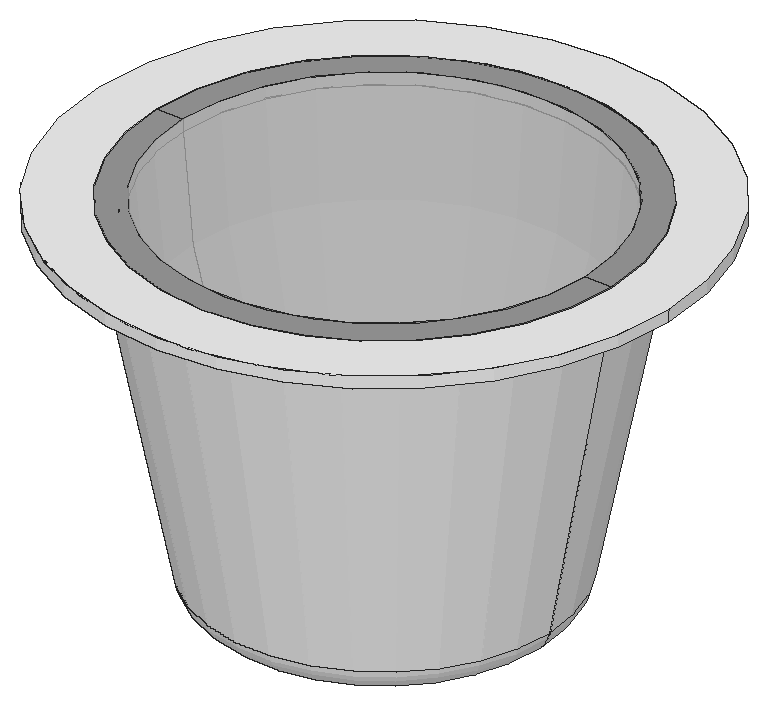
Revit family "2060536 Sylvania Lighting Fixture ASCENT100 II ARCH 2000 4K STD EMG 120", category Lighting Fixtures, host Face, Revit 2016
Family settings
  Host = Face
  Part Type = Normal
  Round Connector Dimension = Use Diameter
  OmniClass Number = 23.80.70.11.17
  OmniClass Title = Specialized Lighting by Location or Use
  Cut with Voids When Loaded = No
  Light Source = Yes
  Shared = No
  Room Calculation Point = No
Parameters (values of type "2060536 ASCT100 II ARCH 2000 4K STD EMG 120 Emergency mode")
  Weight = "1.43 kg"
  WarrantyStartDate [instance] = "n/a"
  WarrantyGuarantorParts = "n/a"
  WarrantyDurationUnit = "n/a"
  WarrantyDurationParts = "n/a"
  WarrantyDescription = "n/a"
  Voltage = 0 V
  TypeName = "ASCT100 II ARCH 2000 4K STD EMG 120 Emergency mode"
  SerialNumber [instance] = "n/a"
  ReflectorRadius_SYL = Radius_SYL - 15.0 mm  # 60.0 mm
  PowerFactor = 0
  PowerConsumption = "20 W"
  NominalWidth = 0.0 mm
  NominalLength = 0.0 mm
  NominalHeight = 94.0 mm
  Name = "ASCT100 II ARCH 2000 4K STD EMG 120 Emergency mode"
  ModelReference = "ASCT100 II ARCH 2000 4K STD EMG 120 Emergency mode"
  ModelNumber = "2060536"
  Material_4_SYL = Aluminium_Sylvania_Ascent_Silver
  Radius_SYL = 75.0 mm
  Wattage = 1.69307 W
  built-in parameter 1150110 = 1 (stored number, unit not read)
  URL = "http://www.sylvania-lighting.com"
  built-in parameter 1114217 = 1 (stored number, unit not read)
  Tilt Angle = -90°
  built-in parameter 1150109 = 1 (stored number, unit not read)
  built-in parameter 1150134 = 12
  built-in parameter 1150113 = 1 (stored number, unit not read)
  Photometric Web File = "2060536EM.ies"
  Material = "aluminium housing, acrylic diffuser"
  ManufacturerName = "Feilo Sylvania"
  LuminousEfficacy = "101 lm/W"
  LuminaireType = ""
  LightOutputRatio = "100"
  LampsType = Lamp  # "LED"
  LampNominalLuminous = "2029 lm"
  LampMacAdamStep = "n/a"
  LampColourTemperature = "4000 K"
  LampColourRenderingIndex = "80"
  Keynote = "16500"
  InstallationDate [instance] = "n/a"
  InputVoltage = "n/a"
  InputNominalFrequency = "n/a"
  IngressProtection = "IP40"
  ImpactProtectionIndex = "IK02"
  IfcExportType = "IfcLightFixtureType"
  IfcExportAs = "IfcLightFixtureType"
  Height_SYL = 94.0 mm
  ExpectedLife = 50000
  Emit from Circle Diameter = 2 * DiffuserRadius_SYL  # 106.0 mm
  Emit Shape Visible in Rendering = no
  ElectricShockClassification = "Class II"
  DurationUnit = "hours"
  DocumentationLiterature = "http://www.sylvania-lighting.com/product/en-int/products/2060536"
  DimmingControlOptions = "n/a"
  DiffuserRadius_SYL = ReflectorRadius_SYL - 7.0 mm  # 53.0 mm
  Material_3_SYL = Polycarbonate_Sylvania_Ascent_Clear
  Diameter_SYL = 2 * Radius_SYL  # 150.0 mm
  CutoutDiameter_SYL = Diameter_SYL - 13.0 mm  # 137.0 mm
  CreatedOn = "9/17/2018"
  CreatedBy = "@sylvania-lighting.com"
  built-in parameter 1114216 [instance] = 1 (stored number, unit not read)
  Model = "ASCT100 II ARCH 2000 4K STD EMG 120 Emergency mode"
  Manufacturer = "Feilo Sylvania"
  built-in parameter 1150105 = 13.608 (stored number, unit not read)
  Lumens = 171 lm
  built-in parameter 1150115 = 1 (stored number, unit not read)
  built-in parameter 1150137 = (empty or 0)
  built-in parameter 1150139 = (empty or 0)
  built-in parameter 1150112 = 1 (stored number, unit not read)
  built-in parameter 1150114 = 1 (stored number, unit not read)
  Lamp = "LED"
  built-in parameter 1150132 = 2
  built-in parameter 1150102 = (empty or 0)
  built-in parameter 1150107 = 4000 (stored number, unit not read)
  built-in parameter 1150138 = (empty or 0)
  built-in parameter 1150106 = 0.13608 (stored number, unit not read)
  Material_1_SYL = Aluminum_Sylvania_Ascent_White
  built-in parameter 1150104 = 9.3832 (stored number, unit not read)
  Dimming Lamp Color Temperature Shift = <None>
  Description = "Direct LED retro fit for original LED 100 Arch (120) single CFL lamp offering Matching lumen levels and improved light distribution of original LED 100 CFL lamp equivalents Typically half the power consumption compared to CFL Up to 104lm/W 120mm aperture Architectural reflector accepts range of glass accessories from existing LED 100 Arch 120 offering HE, HO and VHO versions equivalent of single 1 x 13W, 1 x 18W, 1 x 26W Additional VVHO versions which offer the performance circa 2 x 26W equivalent"  # constant formula
  Default Elevation = 0.0 mm
  Color Filter = 16777215
  built-in parameter 1140040 [instance] = 1
  BarCode [instance] = "n/a"
  built-in parameter 1114218 = 1 (stored number, unit not read)
  built-in parameter 1150133 = 10 (stored number, unit not read)
  AssetType = "Fixed"
  AssetIdentifier [instance] = "n/a"
  Assembly Code = "D5020200"
  Apparent Load = 1.69307 VA
  Aperture_SYL = 2 * ReflectorRadius_SYL  # 120.0 mm
  Material_2_SYL = Aluminum_Sylvania_Ascent_White
Types (2, lengths in mm): name | TypeName | Name | ModelReference | Wattage | Photometric Web File | Model | built-in parameter 1150105 | Lumens | built-in parameter 1150106 | Apparent Load
  2060536 ASCT100 II ARCH 2000 4K STD EMG 120 Emergency mode | "ASCT100 II ARCH 2000 4K STD EMG 120 Emergency mode" | "ASCT100 II ARCH 2000 4K STD EMG 120 Emergency mode" | "ASCT100 II ARCH 2000 4K STD EMG 120 Emergency mode" | 1.69307 W | "2060536EM.ies" | "ASCT100 II ARCH 2000 4K STD EMG 120 Emergency mode" | 13.608 (stored number, unit not read) | 171 lm | 0.13608 (stored number, unit not read) | 1.69307 VA
  2060536 ASCT100 II ARCH 2000 4K STD EMG 120 | "ASCENT100 II ARCH 2000 4K STD EMG 120" | "ASCENT100 II ARCH 2000 4K STD EMG 120" | "ASCENT100 II ARCH 2000 4K STD EMG 120" | 20 W | "2060536.ies" | "ASCENT100 II ARCH 2000 4K STD EMG 120" | 160.75 (stored number, unit not read) | 2020 lm | 1.6075 (stored number, unit not read) | 20 VA
Reference planes
  plane 1 "Center (Front/Back)": y = 0
  plane 2: z = 0
  plane 3 "Center (Left/Right)": x = 0
  plane 4 "Fixture Bottom": z = 3
  plane 5: z = -52.5
  plane 6 "Fixture Top": z = -91
Forms (mm)
  Extrusion 1, solid, material "Aluminum_Sylvania_Ascent_White" <- "Material_2_SYL", detail levels fine
    sketch origin (0, 0, 0) x (1, 0, 0) y (0, 1, 0)
      loop
        circle (0, 0) r 75
      loop
        circle (0, 0) r 60
    from 0 to 3
  Extrusion 2, void
    sketch origin (0, 0, 0) x (1, 0, 0) y (0, 1, 0)
      loop
        circle (0, 0) r 68.5
    from -91 to 3
  Revolve 3, solid, material "Aluminum_Sylvania_Ascent_White" <- "Material_1_SYL", detail levels fine
    sketch origin (0, 0, 0) x (1, 0, 0) y (0, 0, 1)
      loop
        line (0, -91.073) -> (0, -89.023) -> (-35.468, -89.014)
        arc (-35.468, -89.014) -> (-39.352, -87.613) -> (-41.54, -84.139) r 6.307
        line (-41.54, -84.139) -> (-57.991, -2.844) -> (-57.991, 0) -> (-60, 0) -> (-60, -3) -> (-43.5, -84.536)
        arc (-43.5, -84.536) -> (-40.643, -89.203) -> (-35.5, -91.073) r 8.291
        line (-35.5, -91.073) -> (0, -91.073)
      axis (0, 0) -> (0, -91.073)
    angle from 0 to 360
  Revolve 4, solid, material "Aluminium_Sylvania_Ascent_Silver" <- "Material_4_SYL", detail levels fine
    sketch origin (0, 0, 0) x (1, 0, 0) y (0, 0, 1)
      loop
        line (-60, 3) -> (-60, 0) -> (-55, 0)
        arc (-55, 0) -> (-52.349, -26.77) -> (-44.5, -52.5) r 136.5
        line (-44.5, -52.5) -> (-38, -52.5)
        arc (-38, -52.5) -> (-36.857, -61.521) -> (-33.5, -69.971) r 36.166
        line (-33.5, -69.971) -> (0, -69.971) -> (0, -50.5) -> (-43.16, -50.5)
        arc (-43.16, -50.5) -> (-50.517, -25.725) -> (-53, 0) r 134.5
        line (-53, 0) -> (-53, 3) -> (-60, 3)
      axis (0, 3) -> (0, -69.971)
    angle from 0 to 360
  Extrusion 5, solid, material "Polycarbonate_Sylvania_Ascent_Clear" <- "Material_3_SYL", detail levels fine
    sketch origin (0, 0, 0) x (1, 0, 0) y (0, 1, 0)
      loop
        circle (0, 0) r 53
    from 0 to 3
  Revolve 6, solid, material "Aluminum_Sylvania_Ascent_White" <- "Material_2_SYL", detail levels coarse+medium
    sketch origin (0, 0, 0) x (1, 0, 0) y (0, 0, 1)
      loop
        line (0, -91.073) -> (0, 3) -> (-75, 3) -> (-75, 0) -> (-60, 0) -> (-60, -3) -> (-43.5, -84.536)
        arc (-43.5, -84.536) -> (-40.643, -89.203) -> (-35.5, -91.073) r 8.291
        line (-35.5, -91.073) -> (0, -91.073)
      axis (0, 3) -> (0, -91.073)
    angle from 0 to 360
Dimensions and locks
  locked: plane 4 "Fixture Bottom" to plane 2 at 3
  "Height_SYL": plane 4 "Fixture Bottom" to plane 6 "Fixture Top"
  "ReflectorRadius_SYL": plane 3 "Center (Left/Right)" to Revolve 4 sketch curve
  locked: Revolve 4 sketch curve to Revolve 4 sketch curve at 15.5
  locked: Revolve 4 sketch curve to Revolve 4 sketch curve at 5
  locked: Revolve 4 sketch curve to Revolve 4 sketch curve at 7
  locked: Revolve 4 sketch curve to Revolve 4 sketch curve at 22
  locked: Revolve 4 sketch curve to Revolve 4 sketch curve at 26.5
  locked: Revolve 3 sketch curve to Revolve 3 sketch curve at 16.5
  locked: Revolve 3 sketch curve to Revolve 3 sketch curve at 24.5
  "ReflectorRadius_SYL": Revolve 3 sketch curve to plane 3 "Center (Left/Right)"
  locked: Revolve 3 sketch curve to plane 6 "Fixture Top" at 6.464
  locked: plane 2 to Revolve 3 sketch curve at 3
  locked: Revolve 3 sketch curve to Revolve 3 sketch curve at 2
  locked: Revolve 3 sketch curve to Revolve 3 sketch curve at 2.009
  locked: plane 2 to plane 5 at 52.5
  locked: Revolve 6 sketch curve to Revolve 6 sketch curve at 31.5
  locked: Revolve 6 sketch curve to Revolve 6 sketch curve at 39.5
  locked: Revolve 6 sketch curve to Revolve 6 sketch curve at 15
  "Radius_SYL": plane 3 "Center (Left/Right)" to Revolve 6 sketch curve
  "CutoutDiameter_SYL": diameter of Extrusion 2 sketch curve
  "ReflectorRadius_SYL": radius of Extrusion 1 sketch curve
  "DiffuserRadius_SYL": radius of Extrusion 5 sketch curve
  "Radius_SYL": radius of Extrusion 1 sketch curve
  aligned and locked: host face to plane 2
  aligned and locked: host face to level
  aligned and locked: plane 1 "Center (Front/Back)" to imposter light
  aligned and locked: plane 3 "Center (Left/Right)" to imposter light
  aligned and locked: plane 4 "Fixture Bottom" to Extrusion 1
  aligned and locked: Extrusion 1 to plane 2
  aligned and locked: Revolve 3 sketch curve to plane 3 "Center (Left/Right)"
  aligned and locked: Revolve 4 sketch curve to plane 3 "Center (Left/Right)"  (x2)
  aligned and locked: plane 4 "Fixture Bottom" to Revolve 4 sketch curve
  aligned and locked: Revolve 3 sketch curve to imposter light
  aligned and locked: Extrusion 5 to plane 2
  aligned and locked: imposter light to Extrusion 5
  aligned and locked: plane 2 to Revolve 3 sketch curve  (x2)
  aligned and locked: Revolve 6 sketch curve to imposter light
  aligned and locked: Revolve 6 sketch curve to plane 3 "Center (Left/Right)"
  aligned and locked: plane 6 "Fixture Top" to Extrusion 2
  aligned and locked: imposter light to Extrusion 2
  aligned and locked: imposter light to plane 4 "Fixture Bottom"
Automatic sketch dimensions
  plane 1 "Center (Front/Back)" to Extrusion 2 sketch curve = 0.0 mm
  Extrusion 2 sketch curve to plane 3 "Center (Left/Right)" = 0.0 mm
  Extrusion 1 sketch curve to Extrusion 1 sketch curve = 0.0 mm  (x2)
  plane 1 "Center (Front/Back)" to Extrusion 1 sketch curve = 0.0 mm
  Extrusion 1 sketch curve to plane 3 "Center (Left/Right)" = 0.0 mm
  plane 6 "Fixture Top" to Revolve 3 sketch curve = 0.073 mm
  Revolve 3 sketch curve to plane 6 "Fixture Top" = 6.861 mm
  Revolve 3 sketch curve to Revolve 3 sketch curve = 0.003 mm
  Revolve 3 sketch curve to Revolve 3 sketch curve = 0.009 mm  (x2)
  Revolve 3 sketch curve to Revolve 3 sketch curve = 0.023 mm
  Revolve 3 sketch curve to Revolve 3 sketch curve = 0.072 mm
  Revolve 3 sketch curve to Revolve 3 sketch curve = 0.008 mm
  Revolve 3 sketch curve to plane 6 "Fixture Top" = 1.977 mm
  Revolve 3 sketch curve to Revolve 3 sketch curve = 33.496 mm
  Revolve 3 sketch curve to Revolve 3 sketch curve = 0.028 mm
  plane 4 "Fixture Bottom" to Revolve 3 sketch curve = 82.431 mm
  Revolve 4 sketch curve to Revolve 4 sketch curve = 0.0 mm  (x2)
  Revolve 4 sketch curve to plane 5 = 0.0 mm
  Revolve 4 sketch curve to level = 0.0 mm
  plane 5 to Revolve 4 sketch curve = 2.0 mm
  plane 4 "Fixture Bottom" to Revolve 4 sketch curve = 9.642 mm
  plane 1 "Center (Front/Back)" to Extrusion 5 sketch curve = 0.0 mm
  Extrusion 5 sketch curve to plane 3 "Center (Left/Right)" = 0.0 mm
  Revolve 4 sketch curve to level = 69.971 mm
  Revolve 4 sketch curve to Revolve 4 sketch curve = 2.387 mm
  Revolve 6 sketch curve to level = 0.0 mm
  Revolve 6 sketch curve to plane 3 "Center (Left/Right)" = 0.0 mm
  Revolve 6 sketch curve to Revolve 6 sketch curve = 8.104 mm
  Revolve 6 sketch curve to level = 3.0 mm
  Revolve 6 sketch curve to plane 6 "Fixture Top" = 6.464 mm
  plane 6 "Fixture Top" to Revolve 6 sketch curve = 0.073 mm
  Revolve 6 sketch curve to Revolve 6 sketch curve = 33.496 mm
  plane 4 "Fixture Bottom" to Revolve 6 sketch curve = 82.431 mm
  host sketch curve to host sketch curve = 1368.192 mm
  host sketch curve to host sketch curve = 1600.367 mm
Connectors
  electrical at (0, 0, -91.073), driven by "Apparent Load"
    settings: on Revolve 3, index 1, voltage 240 V, apparent load 0 VA, apparent load phase1 1.69307 VA, apparent load phase2 0 VA, apparent load phase3 0 VA, power factor 1, load classification "Lighting", number of poles 1, system type 31, power factor state 1, is connector primary yes, connector utility no, sub classification motor no, connector description ""
